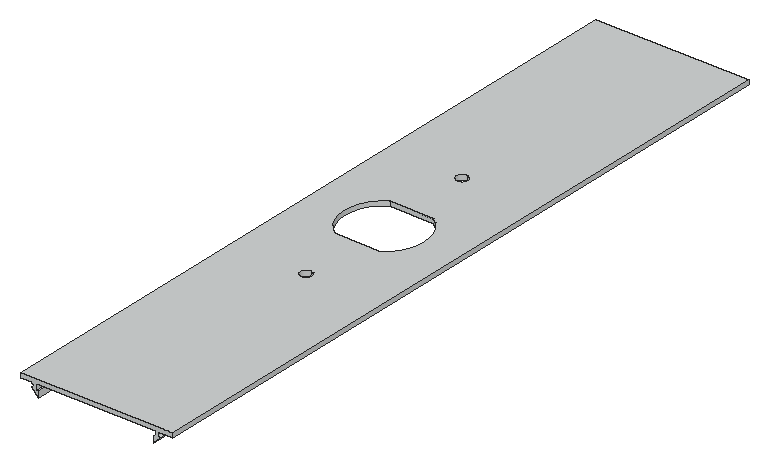
Revit family "Specialty_Equipment-Metal_Raceway-Hubbell_Wiring-Single_Receptacle_Cover-HBLALU57F", category Specialty Equipment, host Face, Revit 2015
Parameters (values of type "HBLALU57F")
  URL = "http://www.hubbell-wiring.com/"
  Product data url = "https://bimobject.com/hubbellwiring/product/hubbell-metal-raceway-alu5000"
  Product Page URL = "http://ecatalog.hubbell-wiring.com/ProductInformation/ViewCatalog.aspx?Dest=hubbell-wiring.com/press/catalog/r.pdf"
  Product Documentation Link = "http://www.hubbell-wiring.com/press/pdfs/h5233r08.pdf"
  Model = "HBLALU57F"  # constant formula
  Manufacturer = "Hubbell Wiring Device Kellems"  # constant formula
  Host Note = "Add in Section View; Host to Wall"  # constant formula
  Description = "Single Receptacle Cover"  # constant formula
  Default Elevation = 48.00"
  Cable Tray Material = Metal-Hubbell-Aluminium
  B = 12.00"
  Assembly Code = "D5090900"
  A = 2.54"
Reference planes (in)
  plane 1 "Center (Front/Back)": y = 0
  plane 2: z = 0
  plane 3 "Center (Left/Right)": x = 0
  plane 4: z = 1.585
  plane 5: y = 6
  plane 6: y = -6
  plane 7: x = -1.27
  plane 8: x = 1.27
  plane 9: y = 1.625
  plane 10: y = -1.625
Forms (in)
  Extrusion 1, void, detail levels medium+fine
    sketch origin (1.49625, 0, 2.17481) x (0, -1, 0) y (-1, 0, 0)
      loop
        circle (1.625, 1.49625) r 0.1
      loop
        circle (-1.625, 1.49625) r 0.1
      loop
        arc (0.56272, 1.86109) -> (0, 2.16518) -> (-0.56272, 1.86109) r 0.67271
        line (-0.56272, 1.86109) -> (-0.56272, 1.1257)
        arc (-0.56272, 1.1257) -> (0, 0.82257) -> (0.56272, 1.1257) r 0.67387
        line (0.56272, 1.1257) -> (0.56272, 1.86109)
    from 0.515 to 0.58981
  Extrusion 2, solid, material "Metal-Hubbell-Aluminium" <- "Cable Tray Material"
    sketch origin (0, 0, 0) x (1, 0, 0) y (0, 0, 1)
      loop
        line (-1.27, 1.585) -> (-1.08047, 1.585)
        arc (-1.08047, 1.585) -> (-1.04559, 1.55149) -> (-1.07767, 1.51529) r 0.03491
        line (-1.07767, 1.51529) -> (-0.9637, 1.40132) -> (-0.9637, 1.5052) -> (-0.99569, 1.5052) -> (-0.99569, 1.585) -> (0.98819, 1.585) -> (0.98819, 1.5052) -> (0.9562, 1.5052) -> (0.9562, 1.40132) -> (1.07017, 1.51529)
        arc (1.07017, 1.51529) -> (1.03809, 1.55149) -> (1.07298, 1.585) r 0.03491
        line (1.07298, 1.585) -> (1.27, 1.585) -> (1.27, 1.65981) -> (-1.27, 1.65981) -> (-1.27, 1.585)
    from -6 to 6
Cuts and joins
  Extrusion 1 cuts Extrusion 2
Lines and regions (in)
  reference lines
    curve 1: circle (0, 1.625, 1.585) r 0.1 normal (0, 0, 1)
    curve 2: circle (0, -1.625, 1.585) r 0.1 normal (0, 0, 1)
    curve 3: line (-1.27, 0, 1.65981) -> (-1.27, 0, 1.585)
    curve 4: line (1.27, 0, 1.65981) -> (-1.27, 0, 1.65981)
    curve 5: line (1.27, 0, 1.585) -> (1.27, 0, 1.65981)
    curve 6: line (1.07298, 0, 1.585) -> (1.27, 0, 1.585)
    curve 7: arc (1.07017, 0, 1.51529) -> (1.03809, 0, 1.55149) -> (1.07298, 0, 1.585) r 0.03491
    curve 8: line (0.9562, 0, 1.40132) -> (1.07017, 0, 1.51529)
    curve 9: line (0.9562, 0, 1.5052) -> (0.9562, 0, 1.40132)
    curve 10: line (0.98819, 0, 1.5052) -> (0.9562, 0, 1.5052)
    curve 11: line (0.98819, 0, 1.585) -> (0.98819, 0, 1.5052)
    curve 12: line (-0.99569, 0, 1.585) -> (0.98819, 0, 1.585)
    curve 13: line (-0.99569, 0, 1.5052) -> (-0.99569, 0, 1.585)
    curve 14: line (-0.9637, 0, 1.5052) -> (-0.99569, 0, 1.5052)
    curve 15: line (-0.9637, 0, 1.40132) -> (-0.9637, 0, 1.5052)
    curve 16: line (-1.07767, 0, 1.51529) -> (-0.9637, 0, 1.40132)
    curve 17: arc (-1.08047, 0, 1.585) -> (-1.04559, 0, 1.55149) -> (-1.07767, 0, 1.51529) r 0.03491
    curve 18: line (-1.27, 0, 1.585) -> (-1.08047, 0, 1.585)
    curve 19: arc (-0.36484, 0.56272, 2.075) -> (-0.66893, 0, 2.075) -> (-0.36484, -0.56272, 2.075) r 0.67271
    curve 20: line (-0.36484, 0.56272, 2.075) -> (0.37055, 0.56272, 2.075)
    curve 21: line (-0.36484, -0.56272, 2.075) -> (0.37055, -0.56272, 2.075)
    curve 22: arc (0.37055, 0.56272, 2.075) -> (0.67368, 0, 2.075) -> (0.37055, -0.56272, 2.075) r 0.67387
  symbolic lines
    curve 23: line (-1.27, -6, 0) -> (1.27, -6, 0)
    curve 24: line (-1.27, 6, 0) -> (-1.27, -6, 0)
    curve 25: line (1.27, 6, 0) -> (-1.27, 6, 0)
    curve 26: line (1.27, -6, 0) -> (1.27, 6, 0)
    curve 27: circle (0, 1.625, 0) r 0.1 normal (0, 0, 1)
    curve 28: line (-0.36484, 0.56272, 0) -> (0.37055, 0.56272, 0)
    curve 29: arc (-0.36484, 0.56272, 0) -> (-0.66893, 0, 0) -> (-0.36484, -0.56272, 0) r 0.67271
    curve 30: line (-0.36484, -0.56272, 0) -> (0.37055, -0.56272, 0)
    curve 31: arc (0.37055, 0.56272, 0) -> (0.67368, 0, 0) -> (0.37055, -0.56272, 0) r 0.67387
    curve 32: circle (0, -1.625, 0) r 0.1 normal (0, 0, 1)
    curve 33: line (0, 6, 1.585) -> (0, -6, 1.585)
    curve 34: line (0, 6, 1.65981) -> (0, 6, 1.585)
    curve 35: line (0, -6, 1.65981) -> (0, 6, 1.65981)
    curve 36: line (0, -6, 1.585) -> (0, -6, 1.65981)
    curve 37: line (1.27, 0, 1.585) -> (-1.27, 0, 1.585)
    curve 38: line (1.27, 0, 1.65981) -> (1.27, 0, 1.585)
    curve 39: line (-1.27, 0, 1.65981) -> (1.27, 0, 1.65981)
    curve 40: line (-1.27, 0, 1.585) -> (-1.27, 0, 1.65981)
Dimensions and locks (in)
  equal spacing: plane 5, plane 1 "Center (Front/Back)", plane 6
  "B": plane 5 to plane 6
  "A": plane 7 to plane 8
  equal spacing: plane 9, plane 1 "Center (Front/Back)", plane 10, locked at 1.625 each
  plane 4 to host face = 1.585"
  equal spacing: plane 7, plane 3 "Center (Left/Right)", plane 8
  aligned and locked: plane 2 to host face
  aligned and locked: level to host face
  aligned and locked: Extrusion 1 sketch curve to curve 2
  aligned and locked: Extrusion 1 sketch curve to curve 1
  aligned and locked: Extrusion 1 sketch curve to curve 21
  aligned and locked: Extrusion 1 sketch curve to curve 19
  aligned and locked: Extrusion 1 sketch curve to curve 20
  aligned and locked: Extrusion 1 sketch curve to curve 22
  aligned and locked: curve 23 to plane 6
  aligned and locked: curve 24 to plane 7
  aligned and locked: plane 5 to curve 25
  aligned and locked: curve 26 to plane 8
  aligned and locked: curve 27 to curve 1
  aligned and locked: curve 28 to curve 20
  aligned and locked: curve 29 to curve 19
  aligned and locked: curve 30 to curve 21
  aligned and locked: curve 31 to curve 22
  aligned and locked: curve 32 to curve 2
  aligned and locked: Extrusion 2 sketch curve to curve 18
  aligned and locked: Extrusion 2 sketch curve to curve 3
  aligned and locked: Extrusion 2 sketch curve to curve 4
  aligned and locked: Extrusion 2 sketch curve to curve 5
  aligned and locked: Extrusion 2 sketch curve to curve 7
  aligned and locked: Extrusion 2 sketch curve to curve 8
  aligned and locked: Extrusion 2 sketch curve to curve 9
  aligned and locked: Extrusion 2 sketch curve to curve 10
  aligned and locked: Extrusion 2 sketch curve to curve 11
  aligned and locked: Extrusion 2 sketch curve to curve 12
  aligned and locked: Extrusion 2 sketch curve to curve 13
  aligned and locked: Extrusion 2 sketch curve to curve 14
  aligned and locked: Extrusion 2 sketch curve to curve 15
  aligned and locked: Extrusion 2 sketch curve to curve 16
  aligned and locked: Extrusion 2 sketch curve to curve 17
  aligned and locked: plane 5 to Extrusion 2
  aligned and locked: Extrusion 2 to plane 6
  aligned and locked: curve 37 to cut or joined group of Extrusion 1, Extrusion 2
  aligned and locked: curve 38 to cut or joined group of Extrusion 1, Extrusion 2
  aligned and locked: curve 39 to cut or joined group of Extrusion 1, Extrusion 2
  aligned and locked: curve 40 to cut or joined group of Extrusion 1, Extrusion 2
  aligned and locked: curve 35 to cut or joined group of Extrusion 1, Extrusion 2
  aligned and locked: Extrusion 1 to plane 4
  aligned and locked: curve 38 to Extrusion 1
Automatic sketch dimensions
  host sketch curve to host sketch curve = 96.00"  (x2)
  curve 2 to plane 3 "Center (Left/Right)" = 0.00"
  curve 1 to plane 3 "Center (Left/Right)" = 0.00"
  curve 1 to plane 9 = 0.00"
  curve 2 to plane 10 = 0.00"
  curve 3 to plane 4 = 0.00"
  curve 3 to plane 7 = 0.00"
  plane 8 to curve 4 = 0.00"
  plane 4 to curve 4 = 0.07481"
  curve 5 to plane 4 = 0.00"
  plane 8 to curve 6 = 0.19703"
  curve 7 to curve 7 = 0.00281"
  curve 7 to plane 4 = 0.03491"
  curve 8 to curve 8 = 0.11397"  (x2)
  curve 9 to plane 4 = 0.0798"
  curve 9 to curve 10 = 0.03199"
  curve 11 to plane 4 = 0.00"
  plane 7 to curve 12 = 0.27431"
  curve 13 to plane 4 = 0.0798"
  curve 13 to curve 14 = 0.03199"
  curve 15 to curve 15 = 0.10388"
  curve 16 to plane 4 = 0.06971"
  curve 16 to curve 13 = 0.08198"
  curve 17 to plane 4 = 0.03491"
  curve 19 to curve 22 = 0.56272"  (x2)
  curve 22 to curve 19 = 0.00"
  curve 19 to curve 22 = 0.36465"
  curve 22 to curve 19 = 0.00397"
  curve 19 to curve 22 = 0.36677"
  curve 33 to plane 4 = 0.00"
  curve 33 to plane 6 = 0.00"
  curve 35 to plane 5 = 0.00"
  radius of curve 1 = 0.10"
  radius of curve 2 = 0.10"
